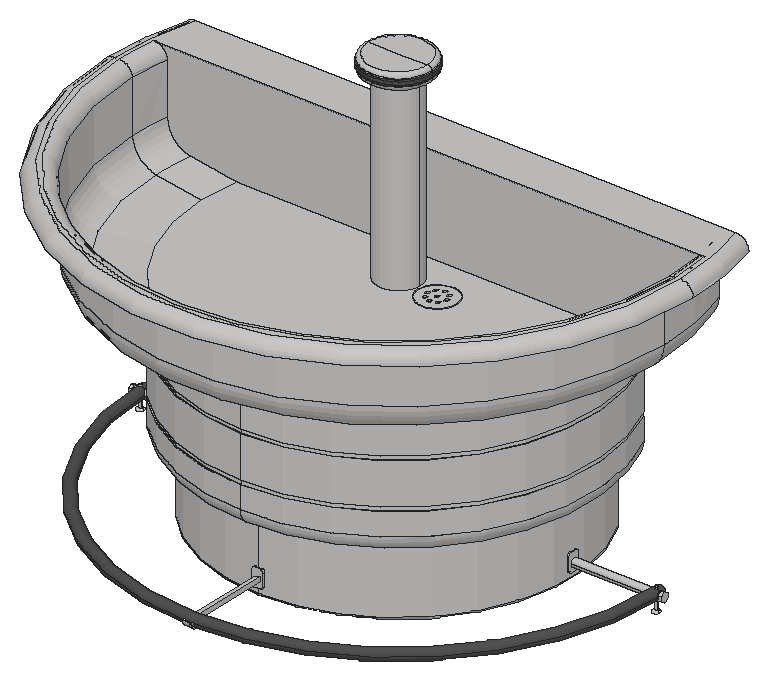
Revit family "Washfountain_Lavatory-Bradley_Corp-WF2704-Type_H_Drain", category Plumbing Fixtures, Revit 2012 (continued)
Lines and regions (in)
  symbolic lines, detail levels medium+fine
    curve 146: circle (4.62063, -8.87063, 28) r 0.1842 normal (0, 0, 1)
    curve 147: circle (4, -9.12771, 28) r 0.1842 normal (0, 0, 1)
    curve 148: circle (3.37937, -8.87063, 28) r 0.1842 normal (0, 0, 1)
    curve 165: arc (-21.2101, -7.75, 28) -> (0.00612, -28.91477, 28) -> (21.22689, -7.75456, 28) r 21.21857
    curve 166: line (-18.8966, -5.4365, 28) -> (18.90883, -5.4365, 28)
    curve 176: circle (0, -7.6967, 37.375) r 2.75 normal (0, 0, 1)
    curve 180: arc (-21.2101, -7.75, 28) -> (-20.53249, -6.11411, 28) -> (-18.8966, -5.4365, 28) r 2.3135
    curve 181: arc (21.22689, -7.75456, 28) -> (20.54794, -6.11544, 28) -> (18.90883, -5.4365, 28) r 2.31806
  symbolic lines, visible <- "Sensor Module"
    curve 41: line (-1.99987, -7.6967, 38.03462) -> (1.99987, -7.6967, 38.03462)
    curve 57: line (0, -5.6967, 38.03462) -> (0, -9.69657, 38.03462)
  symbolic lines, visible <- "Sensor Module", detail levels fine
    curve 42: line (-4.49987, -7.6967, 40.30962) -> (4.49987, -7.6967, 40.30962)
    curve 59: line (0, -3.1967, 40.30962) -> (0, -12.1967, 40.30962)
  symbolic lines, visible <- "Sensor Module", detail levels medium
    curve 43: line (-4.57537, -7.6967, 38.86012) -> (4.57537, -7.6967, 38.86012)
    curve 58: line (0, -3.12133, 38.86012) -> (0, -12.27207, 38.86012)
  symbolic lines, visible <- "Soap Dispenser", detail levels medium+fine
    curve 44: line (-6.13971, -7.6967, 44.87453) -> (6.13971, -7.6967, 44.87453)
    curve 60: line (0, -13.83546, 44.87453) -> (0, -5.4467, 44.87453)
    curve 172: line (-4.15684, -5.4467, 45.875) -> (-4.15684, -7.6967, 45.875)
    curve 173: arc (4.15684, -7.6967, 45.875) -> (0, -11.85353, 45.875) -> (-4.15684, -7.6967, 45.875) r 4.15684
    curve 174: line (4.15684, -5.4467, 45.875) -> (4.15684, -7.6967, 45.875)
  symbolic lines, visible <- "Soap Dispenser", detail levels fine
    curve 45: line (6.13971, -7.6967, 45.49971) -> (-6.13971, -7.6967, 45.49971)
    curve 46: line (-5.98301, -7.6967, 44.23265) -> (5.98301, -7.6967, 44.23265)
    curve 47: line (5.93039, -7.6967, 42.98265) -> (-5.93039, -7.6967, 42.98265)
    curve 48: line (-5.87777, -7.6967, 41.73265) -> (5.87777, -7.6967, 41.73265)
    curve 49: line (5.81, -7.6967, 40.48265) -> (-5.81, -7.6967, 40.48265)
    curve 61: line (0, -13.83546, 45.49971) -> (0, -5.4467, 45.49971)
    curve 62: line (0, -13.67876, 44.23265) -> (0, -5.4467, 44.23265)
    curve 63: line (0, -13.62614, 42.98265) -> (0, -5.4467, 42.98265)
    curve 64: line (0, -13.57352, 41.73265) -> (0, -5.4467, 41.73265)
    curve 65: line (0, -13.50574, 40.48265) -> (0, -5.4467, 40.48265)
  model lines, visible <- "Towel Dispenser", detail levels fine
    curve 79: spline (-9.02868, -6.55856, 52.12502) -> (-8.93498, -6.72086, 55.16615) -> (-8.66025, -7.1967, 58.00002) -> (-8.22323, -7.95365, 60.43353) -> (-7.65368, -8.94013, 62.30082) -> (-6.99044, -10.08891, 63.47465) -> (-6.27868, -11.3217, 63.87502) -> (-5.56693, -12.55449, 63.47465) -> (-4.90368, -13.70327, 62.30082) -> (-4.33414, -14.68975, 60.43353) -> (-3.89711, -15.4467, 58.00002) -> (-3.62239, -15.92254, 55.16615) -> (-3.52868, -16.08484, 52.12502)
    curve 80: spline (3.52868, -16.08484, 52.12502) -> (3.62239, -15.92254, 55.16615) -> (3.89711, -15.4467, 58.00002) -> (4.33414, -14.68975, 60.43353) -> (4.90368, -13.70327, 62.30082) -> (5.56693, -12.55449, 63.47465) -> (6.27868, -11.3217, 63.87502) -> (6.99044, -10.08891, 63.47465) -> (7.65368, -8.94013, 62.30082) -> (8.22323, -7.95365, 60.43353) -> (8.66025, -7.1967, 58.00002) -> (8.93498, -6.72086, 55.16615) -> (9.02868, -6.55856, 52.12502)
    curve 81: spline (4.50718, -14.39003, 54.72702) -> (4.52698, -14.35573, 54.7611) -> (4.54543, -14.32377, 54.861) -> (4.56128, -14.29633, 55.01992) -> (4.57344, -14.27528, 55.22702) -> (4.58108, -14.26204, 55.4682) -> (4.58368, -14.25752, 55.72702) -> (4.58108, -14.26204, 55.98584) -> (4.57344, -14.27528, 56.22702) -> (4.56128, -14.29633, 56.43413) -> (4.54543, -14.32377, 56.59305) -> (4.52698, -14.35573, 56.69295) -> (4.50718, -14.39003, 56.72702) -> (4.48738, -14.42432, 56.69295) -> (4.46893, -14.45628, 56.59305) -> (4.45309, -14.48372, 56.43413) -> (4.44093, -14.50478, 56.22702) -> (4.43329, -14.51801, 55.98584) -> (4.43068, -14.52253, 55.72702) -> (4.43329, -14.51801, 55.4682) -> (4.44093, -14.50478, 55.22702) -> (4.45309, -14.48372, 55.01992) -> (4.46893, -14.45628, 54.861) -> (4.48738, -14.42432, 54.7611) -> (4.50718, -14.39003, 54.72702)
    curve 82: spline (-8.05018, -8.25337, 54.72702) -> (-8.03038, -8.28766, 54.7611) -> (-8.01193, -8.31962, 54.861) -> (-7.99609, -8.34706, 55.01992) -> (-7.98393, -8.36812, 55.22702) -> (-7.97629, -8.38136, 55.4682) -> (-7.97368, -8.38587, 55.72702) -> (-7.97629, -8.38136, 55.98584) -> (-7.98393, -8.36812, 56.22702) -> (-7.99609, -8.34706, 56.43413) -> (-8.01193, -8.31962, 56.59305) -> (-8.03038, -8.28766, 56.69295) -> (-8.05018, -8.25337, 56.72702) -> (-8.06998, -8.21907, 56.69295) -> (-8.08843, -8.18712, 56.59305) -> (-8.10428, -8.15968, 56.43413) -> (-8.11644, -8.13862, 56.22702) -> (-8.12408, -8.12538, 55.98584) -> (-8.12668, -8.12087, 55.72702) -> (-8.12408, -8.12538, 55.4682) -> (-8.11644, -8.13862, 55.22702) -> (-8.10428, -8.15968, 55.01992) -> (-8.08843, -8.18712, 54.861) -> (-8.06998, -8.21907, 54.7611) -> (-8.05018, -8.25337, 54.72702)
  symbolic lines, visible <- "Towel Dispenser"
    curve 83: line (-2, -34.71749, 66.063) -> (2, -34.71749, 66.063)
    curve 84: line (-9.02868, -34.71749, 65.37567) -> (-3.52868, -34.71749, 65.37567)
    curve 85: line (-3.52868, -34.71749, 65.37567) -> (-0.06458, -34.71749, 66.063)
    curve 86: line (0.06458, -34.71749, 66.063) -> (3.52868, -34.71749, 65.37567)
    curve 87: line (3.52868, -34.71749, 65.37567) -> (9.02868, -34.71749, 65.37567)
    curve 88: line (3.52868, -34.71749, 65.37567) -> (3.52868, -34.71749, 52.12502)
    curve 89: line (3.52868, -34.71749, 52.12502) -> (9.02868, -34.71749, 52.12502)
    curve 90: line (3.52868, -34.71749, 52.12502) -> (1.58013, -34.71749, 50.75)
    curve 91: line (0.06458, -34.71749, 50.75) -> (0.06458, -34.71749, 66.063)
    curve 92: line (-0.06458, -34.71749, 66.063) -> (-0.06458, -34.71749, 50.75)
    curve 93: line (-9.02868, -34.71749, 52.12502) -> (-3.52868, -34.71749, 52.12502)
    curve 94: line (-3.52868, -34.71749, 52.12502) -> (-1.58013, -34.71749, 50.75)
    curve 95: line (-3.52868, -34.71749, 52.12502) -> (-3.52868, -34.71749, 65.37567)
    curve 108: line (0, -4.4467, 66.063) -> (0, -4.4467, 50.75)
    curve 109: line (0, -4.55856, 66.063) -> (0, -4.55856, 50.75)
    curve 110: line (0, -6.55856, 65.37567) -> (0, -4.55856, 66.063)
    curve 111: line (0, -6.55856, 52.12502) -> (0, -6.55856, 65.37567)
    curve 112: line (0, -6.55856, 65.37567) -> (0, -16.08484, 65.37567)
    curve 113: line (0, -5.6967, 66.063) -> (0, -9.6967, 66.063)
    curve 116: line (0, -5.43356, 50.75) -> (0, -6.55856, 52.12502)
    curve 117: line (0, -6.55856, 52.12502) -> (0, -16.08484, 52.12502)
    curve 123: line (-5.56458, 0, 66.063) -> (-5.56458, 0, 50.75)
    curve 124: line (5.56458, 0, 66.063) -> (5.56458, 0, 50.75)
    curve 125: line (-5.56458, 0, 65.37567) -> (5.56458, 0, 65.37567)
    curve 126: line (-5.56458, 0, 64.87567) -> (5.56458, 0, 64.87567)
    curve 127: line (-5.56458, 0, 52.3286) -> (5.56458, 0, 52.3286)
    curve 128: line (-5.56458, 0, 51.8286) -> (5.56458, 0, 51.8286)
    curve 129: line (-2, 0, 50.75) -> (-2, 0, 51.8286)
    curve 130: line (2.00013, 0, 50.75) -> (2.00013, 0, 51.8286)
    curve 131: line (2, 0, 52.3286) -> (2, 0, 64.87567)
    curve 132: line (2, 0, 65.37567) -> (2, 0, 66.063)
    curve 133: line (-2, 0, 66.063) -> (-2, 0, 65.37567)
    curve 134: line (-2, 0, 64.87567) -> (-2, 0, 52.3286)
    curve 135: line (-2, -34.71749, 50.75) -> (2.00013, -34.71749, 50.75)
    curve 168: line (-0.06458, -14.08484, 50.75) -> (-5.56458, -4.55856, 50.75)
    curve 169: line (5.56458, -4.55856, 50.75) -> (0.06458, -14.08484, 50.75)
    curve 171: circle (0, -7.6967, 50.75) r 2 normal (0, 0, 1)
  symbolic lines, visible <- "Towel Dispenser", detail levels fine
    curve 96: spline (-9.02868, -34.71749, 52.12502) -> (-8.93498, -34.71749, 55.16615) -> (-8.66025, -34.71749, 58.00002) -> (-8.22323, -34.71749, 60.43353) -> (-7.65368, -34.71749, 62.30082) -> (-6.99044, -34.71749, 63.47465) -> (-6.27868, -34.71749, 63.87502) -> (-5.56693, -34.71749, 63.47465) -> (-4.90368, -34.71749, 62.30082) -> (-4.33414, -34.71749, 60.43353) -> (-3.89711, -34.71749, 58.00002) -> (-3.62239, -34.71749, 55.16615) -> (-3.52868, -34.71749, 52.12502)
    curve 97: spline (3.52868, -34.71749, 52.12502) -> (3.62239, -34.71749, 55.16615) -> (3.89711, -34.71749, 58.00002) -> (4.33414, -34.71749, 60.43353) -> (4.90368, -34.71749, 62.30082) -> (5.56693, -34.71749, 63.47465) -> (6.27868, -34.71749, 63.87502) -> (6.99044, -34.71749, 63.47465) -> (7.65368, -34.71749, 62.30082) -> (8.22323, -34.71749, 60.43353) -> (8.66025, -34.71749, 58.00002) -> (8.93498, -34.71749, 55.16615) -> (9.02868, -34.71749, 52.12502)
    curve 98: spline (-8.05018, -34.71749, 54.72702) -> (-8.03038, -34.71749, 54.7611) -> (-8.01193, -34.71749, 54.861) -> (-7.99609, -34.71749, 55.01992) -> (-7.98393, -34.71749, 55.22702) -> (-7.97629, -34.71749, 55.4682) -> (-7.97368, -34.71749, 55.72702) -> (-7.97629, -34.71749, 55.98584) -> (-7.98393, -34.71749, 56.22702) -> (-7.99609, -34.71749, 56.43413) -> (-8.01193, -34.71749, 56.59305) -> (-8.03038, -34.71749, 56.69295) -> (-8.05018, -34.71749, 56.72702) -> (-8.06998, -34.71749, 56.69295) -> (-8.08843, -34.71749, 56.59305) -> (-8.10428, -34.71749, 56.43413) -> (-8.11644, -34.71749, 56.22702) -> (-8.12408, -34.71749, 55.98584) -> (-8.12668, -34.71749, 55.72702) -> (-8.12408, -34.71749, 55.4682) -> (-8.11644, -34.71749, 55.22702) -> (-8.10428, -34.71749, 55.01992) -> (-8.08843, -34.71749, 54.861) -> (-8.06998, -34.71749, 54.7611) -> (-8.05018, -34.71749, 54.72702)
    curve 99: spline (4.50718, -34.71749, 54.72702) -> (4.52698, -34.71749, 54.7611) -> (4.54543, -34.71749, 54.861) -> (4.56128, -34.71749, 55.01992) -> (4.57344, -34.71749, 55.22702) -> (4.58108, -34.71749, 55.4682) -> (4.58368, -34.71749, 55.72702) -> (4.58108, -34.71749, 55.98584) -> (4.57344, -34.71749, 56.22702) -> (4.56128, -34.71749, 56.43413) -> (4.54543, -34.71749, 56.59305) -> (4.52698, -34.71749, 56.69295) -> (4.50718, -34.71749, 56.72702) -> (4.48738, -34.71749, 56.69295) -> (4.46893, -34.71749, 56.59305) -> (4.45309, -34.71749, 56.43413) -> (4.44093, -34.71749, 56.22702) -> (4.43329, -34.71749, 55.98584) -> (4.43068, -34.71749, 55.72702) -> (4.43329, -34.71749, 55.4682) -> (4.44093, -34.71749, 55.22702) -> (4.45309, -34.71749, 55.01992) -> (4.46893, -34.71749, 54.861) -> (4.48738, -34.71749, 54.7611) -> (4.50718, -34.71749, 54.72702)
    curve 114: spline (0, -6.55856, 52.12502) -> (0, -6.72086, 55.16615) -> (0, -7.1967, 58.00002) -> (0, -7.95365, 60.43353) -> (0, -8.94013, 62.30082) -> (0, -10.08891, 63.47465) -> (0, -11.3217, 63.87502) -> (0, -12.55449, 63.47465) -> (0, -13.70327, 62.30082) -> (0, -14.68975, 60.43353) -> (0, -15.4467, 58.00002) -> (0, -15.92254, 55.16615) -> (0, -16.08484, 52.12502)
    curve 115: spline (0, -14.39003, 54.72702) -> (0, -14.35573, 54.7611) -> (0, -14.32377, 54.861) -> (0, -14.29633, 55.01992) -> (0, -14.27528, 55.22702) -> (0, -14.26204, 55.4682) -> (0, -14.25752, 55.72702) -> (0, -14.26204, 55.98584) -> (0, -14.27528, 56.22702) -> (0, -14.29633, 56.43413) -> (0, -14.32377, 56.59305) -> (0, -14.35573, 56.69295) -> (0, -14.39003, 56.72702) -> (0, -14.42432, 56.69295) -> (0, -14.45628, 56.59305) -> (0, -14.48372, 56.43413) -> (0, -14.50478, 56.22702) -> (0, -14.51801, 55.98584) -> (0, -14.52253, 55.72702) -> (0, -14.51801, 55.4682) -> (0, -14.50478, 55.22702) -> (0, -14.48372, 55.01992) -> (0, -14.45628, 54.861) -> (0, -14.42432, 54.7611) -> (0, -14.39003, 54.72702)
  symbolic lines, visible <- "Towel Dispenser", detail levels medium+fine
    curve 100: line (-7.85863, -34.71749, 51.8286) -> (-3.85863, -34.71749, 51.8286)
    curve 101: spline (-3.85863, -34.71749, 51.8286) -> (-3.74268, -34.71749, 51.81528) -> (-3.59687, -34.71749, 51.77621) -> (-3.43113, -34.71749, 51.71406) -> (-3.25676, -34.71749, 51.63306) -> (-3.08563, -34.71749, 51.53873) -> (-2.92941, -34.71749, 51.43751) -> (-2.79874, -34.71749, 51.33629) -> (-2.70254, -34.71749, 51.24197) -> (-2.64735, -34.71749, 51.16097) -> (-2.63694, -34.71749, 51.09882) -> (-2.67201, -34.71749, 51.05975) -> (-2.75019, -34.71749, 51.04642)
    curve 102: line (-2.75019, -34.71749, 51.04642) -> (-6.75019, -34.71749, 51.04642)
    curve 103: spline (-6.75019, -34.71749, 51.04642) -> (-6.86613, -34.71749, 51.05975) -> (-7.01194, -34.71749, 51.09882) -> (-7.17768, -34.71749, 51.16097) -> (-7.35206, -34.71749, 51.24197) -> (-7.52319, -34.71749, 51.33629) -> (-7.67941, -34.71749, 51.43751) -> (-7.81007, -34.71749, 51.53873) -> (-7.90628, -34.71749, 51.63306) -> (-7.96146, -34.71749, 51.71406) -> (-7.97187, -34.71749, 51.77621) -> (-7.9368, -34.71749, 51.81528) -> (-7.85863, -34.71749, 51.8286)
    curve 104: line (7.85863, -34.71749, 51.8286) -> (3.85863, -34.71749, 51.8286)
    curve 105: spline (3.85863, -34.71749, 51.8286) -> (3.74268, -34.71749, 51.81528) -> (3.59687, -34.71749, 51.77621) -> (3.43113, -34.71749, 51.71406) -> (3.25676, -34.71749, 51.63306) -> (3.08563, -34.71749, 51.53873) -> (2.92941, -34.71749, 51.43751) -> (2.79874, -34.71749, 51.33629) -> (2.70254, -34.71749, 51.24197) -> (2.64735, -34.71749, 51.16097) -> (2.63694, -34.71749, 51.09882) -> (2.67201, -34.71749, 51.05975) -> (2.75019, -34.71749, 51.04642)
    curve 106: line (2.75019, -34.71749, 51.04642) -> (6.75019, -34.71749, 51.04642)
    curve 107: spline (6.75019, -34.71749, 51.04642) -> (6.86613, -34.71749, 51.05975) -> (7.01194, -34.71749, 51.09882) -> (7.17768, -34.71749, 51.16097) -> (7.35206, -34.71749, 51.24197) -> (7.52319, -34.71749, 51.33629) -> (7.67941, -34.71749, 51.43751) -> (7.81007, -34.71749, 51.53873) -> (7.90628, -34.71749, 51.63306) -> (7.96146, -34.71749, 51.71406) -> (7.97187, -34.71749, 51.77621) -> (7.9368, -34.71749, 51.81528) -> (7.85863, -34.71749, 51.8286)
    curve 118: spline (0, -7.61507, 51.8286) -> (0, -7.43606, 51.81528) -> (0, -7.24745, 51.77621) -> (0, -7.06208, 51.71406) -> (0, -6.89258, 51.63306) -> (0, -6.75052, 51.53873) -> (0, -6.64558, 51.43751) -> (0, -6.58489, 51.33629) -> (0, -6.57261, 51.24197) -> (0, -6.60956, 51.16097) -> (0, -6.69323, 51.09882) -> (0, -6.81791, 51.05975) -> (0, -6.97512, 51.04642)
    curve 119: line (0, -6.97512, 51.04642) -> (0, -13.90332, 51.04642)
    curve 120: spline (0, -13.90332, 51.04642) -> (0, -14.08233, 51.05975) -> (0, -14.27095, 51.09882) -> (0, -14.45632, 51.16097) -> (0, -14.62581, 51.24197) -> (0, -14.76787, 51.33629) -> (0, -14.87282, 51.43751) -> (0, -14.9335, 51.53873) -> (0, -14.94579, 51.63306) -> (0, -14.90884, 51.71406) -> (0, -14.82517, 51.77621) -> (0, -14.70048, 51.81528) -> (0, -14.54328, 51.8286)
    curve 121: line (0, -14.54328, 51.8286) -> (0, -7.61507, 51.8286)
    curve 167: line (-7.08013, -5.43356, 50.75) -> (-1.58013, -14.95984, 50.75)
    curve 170: line (1.58013, -14.95984, 50.75) -> (7.08013, -5.43356, 50.75)
  model lines, detail levels medium+fine
    curve 137: circle (4, -8.25, 19.12) r 1.25 normal (0, 0, 1)
  symbolic lines, visible <- "Foot Control Valve", detail levels fine
    curve 155: line (0, -7.5767, 0.1445) -> (0, -7.8167, 0.1445)
    curve 156: circle (0, -7.75001, 1.425) r 0.36122 normal (1, 0, 0)
    curve 157: line (0, -7.5767, 1.99999) -> (0, -7.8167, 1.99999)
    curve 158: line (0, -7.8167, 1.99999) -> (0, -7.8167, 1.9244)
    curve 159: line (0, -7.5767, 1.99999) -> (0, -7.5767, 1.9244)
    curve 160: line (0, -7.5767, 0.67154) -> (0, -7.5767, 0.92558)
    curve 161: line (0, -7.8167, 0.67154) -> (0, -7.8167, 0.92558)
    curve 182: line (-0.40046, -36.21749, 0.92558) -> (-0.40046, -36.21749, 0.82558)
    curve 183: line (-0.40046, -36.21749, 0.82558) -> (0.4, -36.21749, 0.82558)
    curve 184: line (0.4, -36.21749, 0.82558) -> (0.4, -36.21749, 0.92558)
    curve 185: line (-24.01563, 0, 1.7965) -> (-24.01563, 0, 1.0535)
    curve 186: line (-24.32813, 0, 1.21051) -> (-24.01563, 0, 1.21051)
    curve 187: line (-24.32813, 0, 1.63949) -> (-24.01563, 0, 1.63949)
    curve 188: line (-23.69813, 0, 0.1445) -> (-23.45813, 0, 0.1445)
    curve 189: line (24.04349, 0, 1.7965) -> (24.04349, 0, 1.0535)
    curve 190: line (24.37917, 0, 1.21051) -> (24.04349, 0, 1.21051)
    curve 191: line (24.37923, 0, 1.63949) -> (24.04349, 0, 1.63949)
    curve 192: line (23.69813, 0, 0.1445) -> (23.45813, 0, 0.1445)
  symbolic lines, visible <- "Foot Control Valve", detail levels coarse+medium
    curve 162: line (-0.40046, -34.71749, 0.92558) -> (0.4, -34.71749, 0.92558)
  symbolic lines, visible <- "Sensor Module", detail levels medium+fine
    curve 175: circle (0, -7.6967, 40.875) r 3.75 normal (0, 0, 1)
Dimensions and locks (in)
  equal spacing: plane 4 "Left", plane 3 "Center (Left/Right)", plane 5 "Right"
  "Width": plane 4 "Left" to plane 5 "Right"
  "Towel Dispenser Height": plane 6 "Towel Dispenser" to plane 2
  "Soap Dispenser Height": plane 7 "Soap Dispenser" to plane 2
  "Sensor Module Height": plane 8 "Sensor Module" to plane 2
  "Spray Head Height": plane 9 "Spray Head" to plane 2
  "Rim Height": plane 10 "Rim Height" to plane 2
  "Pedestal Height": plane 11 "Pedestal Height" to plane 2
  locked: plane 9 "Spray Head" to Revolve 7 sketch curve at 1.38963
  locked: plane 9 "Spray Head" to Revolve 8 sketch curve at 1.38963
  locked: plane 9 "Spray Head" to Masking region 1 sketch curve at 1.38963  (x2)
  locked: plane 9 "Spray Head" to Masking region 2 sketch curve at 1.38963  (x2)
  locked: plane 8 "Sensor Module" to Revolve 9 sketch curve at 2.84038
  locked: plane 8 "Sensor Module" to Revolve 10 sketch curve at 2.84038
  locked: plane 8 "Sensor Module" to Masking region 3 sketch curve at 2.84038  (x2)
  locked: plane 8 "Sensor Module" to Masking region 4 sketch curve at 2.84038  (x2)
  locked: plane 7 "Soap Dispenser" to plane 13 at 6
  locked: plane 8 "Sensor Module" to Masking region 10 sketch curve at 2.84038  (x2)
  locked: plane 8 "Sensor Module" to Masking region 9 sketch curve at 2.84038  (x2)
  plane 14 "Front" to plane 1 "Center (Front/Back)" = 34.71749"
  locked: curve 76 to Extrusion 16 sketch curve at 15.313
  locked: curve 76 to Extrusion 16 sketch curve at 15.16279
  locked: Extrusion 16 sketch curve to curve 76 at 4
  locked: Extrusion 16 sketch curve to Extrusion 16 sketch curve at 1.37502
  locked: curve 77 to Extrusion 17 sketch curve at 4
  locked: curve 77 to Extrusion 17 sketch curve at 15.313
  locked: curve 77 to Extrusion 17 sketch curve at 15.16279
  locked: Extrusion 17 sketch curve to Extrusion 17 sketch curve at 1.37502
  locked: Extrusion 19 to Extrusion 16 at 1
  "Towel Dispenser Holder": plane 6 "Towel Dispenser" to Extrusion 19
  "Soap Dispenser Holder": plane 13 to Extrusion 20
  "Towel Dispenser Holder": plane 6 "Towel Dispenser" to Masking region 21
  "Soap Dispenser Holder": plane 13 to Masking region 22
  "Towel Dispenser Holder": plane 6 "Towel Dispenser" to Masking region 24
  "Soap Dispenser Holder": Masking region 23 to plane 13
  Extrusion 33 sketch curve to plane 1 "Center (Front/Back)" = 8.250"
  locked: Extrusion 33 to plane 2 at 3
  Extrusion 34 sketch curve to plane 1 "Center (Front/Back)" = 8.250"
  "Vent Height": Extrusion 34 to plane 2
  Extrusion 35 sketch curve to plane 3 "Center (Left/Right)" to Extrusion 35 sketch curve = 7.625", 7.625"
  Extrusion 35 sketch curve to plane 2 = 12.000"  (x2)
  locked: plane 1 "Center (Front/Back)" to Extrusion 35 at 2.5
  locked: Extrusion 33 sketch curve to plane 3 "Center (Left/Right)" at 4
  Extrusion 39 sketch curve to plane 3 "Center (Left/Right)" to Extrusion 39 sketch curve = 7.625", 7.625"
  Extrusion 39 sketch curve to plane 1 "Center (Front/Back)" = 5.000"  (x2)
  locked: Extrusion 39 to plane 2 at 2.5
  locked: plane 7 "Soap Dispenser" to Revolve 12 sketch curve at 1.00047
  locked: plane 7 "Soap Dispenser" to Revolve 40 sketch curve at 1.00047
  locked: plane 7 "Soap Dispenser" to Extrusion 14 sketch curve at 1.00047
  locked: plane 7 "Soap Dispenser" to Extrusion 41 sketch curve at 1.00047
  locked: plane 8 "Sensor Module" to Extrusion 42 sketch curve at 1.29013
  locked: plane 8 "Sensor Module" to Extrusion 43 sketch curve at 1.29013
  radius of Extrusion 19 sketch curve = 2.000"
  radius of Extrusion 20 sketch curve = 2.000"
  radius of Extrusion 33 sketch curve = 1.000"
  "Vent Radius": radius of Extrusion 34 sketch curve
  "Hot Lavatory Inlet Primary Radius": radius of Extrusion 35 sketch curve
  "Cold Lavatory Inlet Primary Radius": radius of Extrusion 35 sketch curve
  "Hot Lavatory Inlet Secondary Radius": radius of Extrusion 39 sketch curve
  "Cold Lavatory Inlet Secondary Radius": radius of Extrusion 39 sketch curve
  aligned and locked: Extrusion 2 sketch curve to plane 1 "Center (Front/Back)"
  aligned and locked: Extrusion 2 to plane 2
  aligned and locked: plane 9 "Spray Head" to Extrusion 2
  aligned and locked: plane 12 to Revolve 4 sketch curve
  aligned and locked: plane 12 to Revolve 5 sketch curve
  aligned and locked: plane 12 to Revolve 6 sketch curve
  aligned and locked: Revolve 7 sketch curve to plane 3 "Center (Left/Right)"
  aligned and locked: Revolve 8 sketch curve to plane 3 "Center (Left/Right)"
  aligned and locked: plane 11 "Pedestal Height" to Revolve 7 sketch curve
  aligned and locked: Revolve 7 sketch curve to plane 9 "Spray Head"
  aligned and locked: Revolve 8 sketch curve to plane 11 "Pedestal Height"
  aligned and locked: Masking region 1 sketch curve to plane 10 "Rim Height"
  aligned and locked: Masking region 2 sketch curve to plane 10 "Rim Height"
  aligned and locked: Masking region 2 sketch curve to plane 9 "Spray Head"
  aligned and locked: Revolve 9 sketch curve to plane 8 "Sensor Module"
  aligned and locked: Revolve 9 sketch curve to plane 9 "Spray Head"
  aligned and locked: Revolve 9 sketch curve to plane 3 "Center (Left/Right)"
  aligned and locked: Revolve 10 sketch curve to plane 3 "Center (Left/Right)"
  aligned and locked: Revolve 10 sketch curve to plane 9 "Spray Head"
  aligned and locked: Masking region 3 sketch curve to plane 9 "Spray Head"
  aligned and locked: Masking region 4 sketch curve to plane 9 "Spray Head"
  aligned and locked: Masking region 4 sketch curve to plane 8 "Sensor Module"
  aligned and locked: Revolve 11 sketch curve to plane 7 "Soap Dispenser"
  aligned and locked: plane 13 to Revolve 11 sketch curve
  aligned and locked: Revolve 11 sketch curve to plane 3 "Center (Left/Right)"
  aligned and locked: Revolve 12 sketch curve to plane 3 "Center (Left/Right)"
  aligned and locked: Masking region 5 sketch curve to plane 7 "Soap Dispenser"
  aligned and locked: Masking region 5 sketch curve to plane 13
  aligned and locked: Masking region 6 sketch curve to plane 7 "Soap Dispenser"
  aligned and locked: plane 13 to Masking region 6 sketch curve
  aligned and locked: Extrusion 13 sketch curve to plane 7 "Soap Dispenser"
  aligned and locked: plane 13 to Extrusion 13 sketch curve
  aligned and locked: plane 13 to Extrusion 14 sketch curve
  aligned and locked: plane 9 "Spray Head" to Masking region 9 sketch curve
  aligned and locked: Masking region 9 sketch curve to plane 8 "Sensor Module"
  aligned and locked: Masking region 10 sketch curve to plane 8 "Sensor Module"
  aligned and locked: Masking region 10 sketch curve to plane 9 "Spray Head"
  aligned and locked: Masking region 11 sketch curve to plane 10 "Rim Height"
  aligned and locked: Masking region 11 sketch curve to plane 9 "Spray Head"
  aligned and locked: Masking region 12 sketch curve to plane 10 "Rim Height"
  aligned and locked: Masking region 15 sketch curve to plane 11 "Pedestal Height"
  aligned and locked: Masking region 15 sketch curve to plane 2
  aligned and locked: Masking region 16 sketch curve to plane 11 "Pedestal Height"
  aligned and locked: Masking region 16 sketch curve to plane 2
  aligned and locked: Masking region 17 sketch curve to plane 10 "Rim Height"
  aligned and locked: Masking region 17 sketch curve to plane 11 "Pedestal Height"
  aligned and locked: Masking region 18 sketch curve to plane 10 "Rim Height"
  aligned and locked: plane 11 "Pedestal Height" to Masking region 18 sketch curve
  aligned and locked: Masking region 19 sketch curve to plane 11 "Pedestal Height"
  aligned and locked: plane 2 to Masking region 19 sketch curve
  aligned and locked: Masking region 20 sketch curve to plane 11 "Pedestal Height"
  aligned and locked: plane 2 to Masking region 20 sketch curve
  aligned and locked: plane 12 to Extrusion 15 sketch curve
  aligned and locked: plane 3 "Center (Left/Right)" to Extrusion 15 sketch curve
  aligned and locked: plane 12 to Extrusion 18 sketch curve
  aligned and locked: plane 3 "Center (Left/Right)" to Extrusion 18 sketch curve
  aligned and locked: plane 12 to Extrusion 19 sketch curve
  aligned and locked: plane 3 "Center (Left/Right)" to Extrusion 19 sketch curve
  aligned and locked: plane 12 to Extrusion 20 sketch curve
  aligned and locked: plane 3 "Center (Left/Right)" to Extrusion 20 sketch curve
  aligned and locked: Extrusion 20 to plane 13
  aligned and locked: plane 6 "Towel Dispenser" to Masking region 21
  aligned and locked: Masking region 22 to plane 13
  aligned and locked: plane 13 to Masking region 23
  aligned and locked: Masking region 24 to plane 6 "Towel Dispenser"
  aligned and locked: Extrusion 22 to plane 11 "Pedestal Height"
  aligned and locked: plane 2 to Blend 28
  aligned and locked: Blend 27 to plane 2
  aligned and locked: Blend 28 to Extrusion 26
  aligned and locked: plane 3 "Center (Left/Right)" to Masking region 32 sketch curve
  aligned and locked: plane 3 "Center (Left/Right)" to curve 171
  aligned and locked: plane 12 to curve 171
  aligned and locked: plane 3 "Center (Left/Right)" to Masking region 35 sketch curve
  aligned and locked: plane 12 to Masking region 35 sketch curve
  aligned and locked: plane 12 to curve 175
  aligned and locked: plane 3 "Center (Left/Right)" to curve 175
  aligned and locked: plane 12 to Masking region 36 sketch curve
  aligned and locked: plane 3 "Center (Left/Right)" to Masking region 36 sketch curve
  aligned and locked: plane 12 to curve 176
  aligned and locked: plane 3 "Center (Left/Right)" to curve 176
  aligned and locked: Extrusion 33 to plane 2
  aligned and locked: Extrusion 34 to plane 2
  aligned and locked: Extrusion 35 to plane 1 "Center (Front/Back)"
  aligned and locked: Masking region 30 to Extrusion 32
  aligned and locked: plane 3 "Center (Left/Right)" to Extrusion 34 sketch curve
  aligned and locked: Extrusion 39 to plane 2
  aligned and locked: Revolve 40 sketch curve to plane 3 "Center (Left/Right)"
  aligned and locked: Extrusion 41 sketch curve to plane 7 "Soap Dispenser"
  aligned and locked: plane 11 "Pedestal Height" to Sweep 3 sketch curve
  aligned and locked: plane 3 "Center (Left/Right)" to Extrusion 42 sketch curve
  aligned and locked: plane 3 "Center (Left/Right)" to Extrusion 43 sketch curve
  aligned and locked: Extrusion 42 to Masking region 9
  aligned and locked: Extrusion 43 to Masking region 10
  aligned and locked: Masking region 9 to Extrusion 43
  aligned and locked: Masking region 37 sketch curve to Extrusion 42  (x2)
  aligned and locked: Extrusion 43 to Masking region 38 sketch curve
  aligned and locked: Masking region 38 sketch curve to Extrusion 43
  aligned and locked: cut or joined group of Sweep 1, Extrusion 2, Extrusion 22, Extrusion 45, Sweep 46 to Extrusion 21
  aligned and locked: plane 3 "Center (Left/Right)" to curve 13
  aligned and locked: Extrusion 44 to cut or joined group of Extrusion 2, Sweep 3, Extrusion 22, Extrusion 44
  aligned and locked: Extrusion 44 to curve 13
  aligned and locked: cut or joined group of Extrusion 2, Sweep 3, Extrusion 22, Extrusion 44 to curve 24
  aligned and locked: curve 33 to cut or joined group of Extrusion 2, Sweep 3, Extrusion 22, Extrusion 44
Automatic sketch dimensions
  level to curve 186 = 1.21051"
  plane 4 "Left" to curve 186 = 2.67187"
  curve 187 to curve 186 = 0.000"
  curve 186 to curve 186 = 0.3125"
  level to curve 188 = 0.1445"
  curve 185 to curve 188 = 0.3175"
  curve 188 to curve 188 = 0.240"
  level to curve 192 = 0.1445"
  curve 192 to plane 5 "Right" = 3.54187"
  curve 192 to curve 192 = 0.240"
  curve 192 to curve 190 = 0.34536"
  curve 190 to curve 190 = 0.33568"
  curve 191 to curve 191 = 0.33574"
  curve 192 to curve 189 = 0.909"
  curve 185 to curve 186 = 0.15701"
  curve 189 to curve 190 = 0.15701"
  curve 186 to curve 187 = 0.42897"
  curve 190 to curve 191 = 0.42897"
  curve 191 to curve 189 = 0.15701"
  curve 187 to curve 185 = 0.15701"
  curve 149 to plane 12 = 0.000"
  curve 149 to plane 3 "Center (Left/Right)" = 0.000"
  plane 4 "Left" to curve 150 = 2.99154"
  plane 12 to curve 151 = 0.500"
  plane 12 to curve 150 = 0.500"
  curve 163 to plane 3 "Center (Left/Right)" = 1.500"
  plane 3 "Center (Left/Right)" to curve 163 = 1.500"
  curve 163 to plane 14 "Front" = 1.500"
  curve 1 to plane 1 "Center (Front/Back)" = 0.000"
  curve 2 to plane 3 "Center (Left/Right)" = 0.000"
  plane 3 "Center (Left/Right)" to curve 1 = 3.000"
  curve 1 to plane 3 "Center (Left/Right)" = 3.000"
  curve 2 to plane 1 "Center (Front/Back)" = 3.000"
  plane 1 "Center (Front/Back)" to curve 2 = 3.000"
  curve 3 to plane 12 = 0.000"
  curve 4 to plane 3 "Center (Left/Right)" = 0.000"
  plane 3 "Center (Left/Right)" to curve 3 = 3.000"
  curve 3 to plane 3 "Center (Left/Right)" = 3.000"
  plane 12 to curve 4 = 3.000"
  curve 4 to plane 12 = 3.000"
  curve 5 to plane 12 = 0.000"
  curve 6 to plane 3 "Center (Left/Right)" = 0.000"
  plane 3 "Center (Left/Right)" to curve 5 = 3.000"
  curve 5 to plane 3 "Center (Left/Right)" = 3.000"
  plane 12 to curve 6 = 3.000"
  curve 6 to plane 12 = 3.000"
  curve 7 to plane 12 = 0.000"
  curve 8 to plane 3 "Center (Left/Right)" = 0.000"
  plane 3 "Center (Left/Right)" to curve 7 = 3.000"
  curve 7 to plane 3 "Center (Left/Right)" = 3.000"
  plane 12 to curve 8 = 3.000"
  curve 8 to plane 12 = 3.000"
  curve 122 to plane 1 "Center (Front/Back)" = 0.000"
  curve 9 to plane 12 = 0.000"
  curve 136 to plane 14 "Front" = 0.000"
  curve 10 to plane 3 "Center (Left/Right)" = 0.000"
  plane 3 "Center (Left/Right)" to curve 77 = 0.06458"
  plane 3 "Center (Left/Right)" to curve 136 = 3.000"
  plane 3 "Center (Left/Right)" to curve 9 = 3.000"
  plane 3 "Center (Left/Right)" to curve 122 = 3.000"
  curve 78 to curve 9 = 2.500"
  curve 77 to curve 78 = 0.06458"
  curve 76 to plane 3 "Center (Left/Right)" = 0.06458"
  curve 122 to plane 3 "Center (Left/Right)" = 3.000"
  curve 9 to plane 3 "Center (Left/Right)" = 3.000"
  curve 136 to plane 3 "Center (Left/Right)" = 3.000"
  curve 9 to curve 78 = 2.500"
  curve 78 to curve 76 = 0.06458"
  plane 12 to curve 78 = 3.250"
  curve 78 to curve 76 = 0.11186"
  curve 78 to curve 77 = 0.11186"
  plane 12 to curve 10 = 3.000"
  curve 10 to plane 12 = 3.000"
  curve 10 to curve 76 = 3.38814"
  curve 77 to curve 76 = 0.000"
  curve 12 to plane 1 "Center (Front/Back)" = 0.000"
  curve 11 to plane 3 "Center (Left/Right)" = 0.000"
  plane 3 "Center (Left/Right)" to curve 12 = 3.000"
  curve 12 to plane 3 "Center (Left/Right)" = 3.000"
  curve 11 to plane 1 "Center (Front/Back)" = 3.000"
  plane 1 "Center (Front/Back)" to curve 11 = 3.000"
  curve 138 to curve 139 = 0.000"
  curve 138 to curve 140 = 0.000"  (x2)
  curve 139 to curve 140 = 0.000"
  curve 164 to plane 3 "Center (Left/Right)" = 0.000"
  plane 12 to curve 165 = 0.00049"
  plane 3 "Center (Left/Right)" to curve 165 = 0.0084"
  curve 141 to plane 12 = 0.5533"
  plane 3 "Center (Left/Right)" to curve 141 = 3.12229"
  curve 148 to curve 141 = 0.25708"
  plane 12 to curve 142 = 0.06733"
  curve 142 to curve 141 = 0.25708"
  curve 147 to curve 148 = 0.62063"
  curve 139 to curve 142 = 0.62063"
  plane 12 to curve 143 = 0.32441"
  curve 143 to curve 142 = 0.62063"
  curve 146 to curve 147 = 0.62063"
  plane 12 to curve 144 = 0.06733"
  curve 144 to curve 143 = 0.62063"
  curve 145 to curve 144 = 0.25708"
  curve 181 to plane 12 = 0.05786"
  curve 181 to plane 5 "Right" = 8.09117"
  curve 179 to curve 166 = 0.59122"
  curve 181 to curve 179 = 1.72684"
  curve 164 to curve 165 = 1.90899"
  curve 180 to plane 12 = 0.0533"
  curve 166 to curve 177 = 0.60345"
  curve 178 to curve 166 = 1.31866"
  curve 13 to curve 164 = 0.00244"
  curve 138 to plane 12 = 0.5533"
  curve 145 to plane 12 = 0.5533"
  curve 145 to curve 146 = 0.62063"
  curve 141 to curve 148 = 0.62063"
  curve 148 to curve 147 = 0.25708"
  Sweep 1 sketch curve to Sweep 1 sketch curve = 0.000"  (x9)
  Sweep 1 sketch curve to profile plane = 0.000"  (x2)
  Sweep 1 sketch curve to profile plane = 0.03252"
  Sweep 1 sketch curve to Sweep 1 sketch curve = 0.120"  (x2)
  profile plane to Sweep 1 sketch curve = 0.00011"
  Sweep 1 sketch curve to profile plane = 1.15752"
  Sweep 1 sketch curve to Sweep 1 sketch curve = 0.410"
  Sweep 1 sketch curve to Sweep 1 sketch curve = 1.005"
  Sweep 1 sketch curve to profile plane = 2.61371"
  Sweep 1 sketch curve to profile plane = 1.125"
  Sweep 1 sketch curve to Sweep 1 sketch curve = 0.11999"
  Sweep 1 sketch curve to Sweep 1 sketch curve = 2.12234"
  Sweep 1 sketch curve to Sweep 1 sketch curve = 0.01728"
  Sweep 1 sketch curve to Sweep 1 sketch curve = 0.360"
  Sweep 1 sketch curve to Sweep 1 sketch curve = 4.17649"
  Sweep 1 sketch curve to Sweep 1 sketch curve = 0.00869"
  Sweep 1 sketch curve to Sweep 1 sketch curve = 16.01209"
  Sweep 1 sketch curve to Sweep 1 sketch curve = 0.00025"
  Sweep 1 sketch curve to Sweep 1 sketch curve = 4.67455"
  Sweep 1 sketch curve to Sweep 1 sketch curve = 0.04363"
  Sweep 1 sketch curve to Sweep 1 sketch curve = 0.00156"
  Sweep 1 sketch curve to profile plane = 8.880"
  Sweep 1 sketch curve to Sweep 1 sketch curve = 0.00011"
  Extrusion 2 sketch curve to plane 5 "Right" = 0.000"
  Extrusion 2 sketch curve to plane 4 "Left" = 0.000"
  Extrusion 2 sketch curve to plane 1 "Center (Front/Back)" = 20.000"
  Sweep 3 sketch curve to profile plane = 0.000"
  Sweep 3 sketch curve to profile plane = 0.03243"
  Sweep 3 sketch curve to Sweep 3 sketch curve = 0.12013"
  Sweep 3 sketch curve to profile plane = 0.120"
  Sweep 3 sketch curve to Sweep 3 sketch curve = 2.42506"
  Sweep 3 sketch curve to Sweep 3 sketch curve = 0.120"
  Sweep 3 sketch curve to profile plane = 8.880"
  Sweep 3 sketch curve to Sweep 3 sketch curve = 22.35569"
  Sweep 3 sketch curve to Sweep 3 sketch curve = 1.00495"
  Revolve 4 sketch curve to plane 11 "Pedestal Height" = 0.000"
  Revolve 4 sketch curve to plane 12 = 0.000"
  plane 14 "Front" to Revolve 4 sketch curve = 10.55795"
  Revolve 4 sketch curve to Revolve 4 sketch curve = 1.44698"
  Revolve 4 sketch curve to Revolve 4 sketch curve = 1.45168"
  Revolve 4 sketch curve to Revolve 4 sketch curve = 0.08393"  (x2)
  Revolve 4 sketch curve to Revolve 4 sketch curve = 1.53091"
  Revolve 4 sketch curve to plane 11 "Pedestal Height" = 4.46462"
  Revolve 4 sketch curve to Revolve 4 sketch curve = 0.375"  (x2)
  Revolve 4 sketch curve to Revolve 4 sketch curve = 3.8125"
  Revolve 4 sketch curve to Revolve 4 sketch curve = 2.08309"
  Revolve 4 sketch curve to level = 3.07853"
  plane 11 "Pedestal Height" to Revolve 4 sketch curve = 3.47247"
  Revolve 5 sketch curve to plane 11 "Pedestal Height" = 0.000"
  Revolve 5 sketch curve to plane 12 = 0.000"
  plane 14 "Front" to Revolve 5 sketch curve = 9.02704"
  level to Revolve 5 sketch curve = 6.35887"
  Revolve 5 sketch curve to level = 1.551"
  plane 11 "Pedestal Height" to Revolve 5 sketch curve = 3.000"
  Revolve 6 sketch curve to level = 0.000"
  Revolve 6 sketch curve to plane 12 = 0.000"
  plane 14 "Front" to Revolve 6 sketch curve = 11.303"
  Revolve 6 sketch curve to Revolve 6 sketch curve = 0.07241"
  level to Revolve 6 sketch curve = 0.1416"
  Revolve 6 sketch curve to level = 3.2954"
  Revolve 6 sketch curve to Revolve 6 sketch curve = 5.90435"
  level to Revolve 6 sketch curve = 6.35887"
  Revolve 6 sketch curve to Revolve 6 sketch curve = 5.09572"
  Revolve 7 sketch curve to Revolve 7 sketch curve = 0.000"  (x3)
  curve 3 to Revolve 7 sketch curve = 1.00013"
  curve 3 to Revolve 7 sketch curve = 0.31013"  (x2)
  Revolve 7 sketch curve to curve 3 = 0.03112"  (x2)
  Revolve 7 sketch curve to curve 3 = 0.03487"  (x3)
  Revolve 7 sketch curve to Revolve 7 sketch curve = 0.09375"
  curve 3 to Revolve 7 sketch curve = 1.74493"
  Revolve 7 sketch curve to curve 3 = 0.94456"
  Revolve 7 sketch curve to curve 3 = 0.53838"
  Revolve 7 sketch curve to Revolve 7 sketch curve = 0.00037"
  Revolve 7 sketch curve to curve 3 = 0.38012"
  curve 3 to Revolve 8 sketch curve = 1.00013"
  curve 3 to Revolve 8 sketch curve = 0.31085"
  Revolve 8 sketch curve to curve 3 = 0.00012"
  curve 3 to Revolve 8 sketch curve = 0.31013"
  Revolve 8 sketch curve to curve 3 = 0.12487"
  Revolve 8 sketch curve to Revolve 8 sketch curve = 0.000"
  curve 3 to Revolve 8 sketch curve = 1.84143"
  Revolve 8 sketch curve to curve 3 = 0.94456"
  Revolve 8 sketch curve to curve 3 = 0.44471"
  Revolve 8 sketch curve to Revolve 8 sketch curve = 0.40845"
  Masking region 1 sketch curve to curve 3 = 0.000"
  Masking region 1 sketch curve to curve 3 = 0.12487"
  Masking region 1 sketch curve to curve 3 = 0.03487"  (x2)
  Masking region 1 sketch curve to Masking region 1 sketch curve = 0.000"  (x5)
  Masking region 1 sketch curve to curve 3 = 0.03112"  (x2)
  curve 3 to Masking region 1 sketch curve = 0.31013"  (x2)
  Masking region 1 sketch curve to Masking region 1 sketch curve = 0.690"
  Masking region 1 sketch curve to curve 3 = 0.99987"
  Masking region 1 sketch curve to curve 3 = 0.31013"  (x2)
  curve 3 to Masking region 1 sketch curve = 0.03112"  (x2)
  curve 3 to Masking region 1 sketch curve = 0.03487"  (x3)
  Masking region 1 sketch curve to Masking region 1 sketch curve = 0.09375"
  Masking region 1 sketch curve to curve 3 = 0.94456"  (x2)
  Masking region 1 sketch curve to curve 3 = 0.53838"  (x2)
  Masking region 1 sketch curve to Masking region 1 sketch curve = 0.00037"  (x2)
  Masking region 2 sketch curve to curve 3 = 0.12487"
  curve 3 to Masking region 2 sketch curve = 0.31001"
  curve 3 to Masking region 2 sketch curve = 0.31085"
  Masking region 2 sketch curve to Masking region 2 sketch curve = 0.68928"
  Masking region 2 sketch curve to curve 3 = 0.99987"
  Masking region 2 sketch curve to curve 3 = 0.31085"
  Masking region 2 sketch curve to curve 3 = 0.31001"
  curve 3 to Masking region 2 sketch curve = 0.12487"
  Masking region 2 sketch curve to curve 3 = 0.94456"  (x2)
  Masking region 2 sketch curve to curve 3 = 0.44471"  (x2)
  Revolve 9 sketch curve to Revolve 9 sketch curve = 0.000"
  curve 5 to Revolve 9 sketch curve = 1.00013"
  curve 5 to Revolve 9 sketch curve = 0.90513"
  Revolve 9 sketch curve to curve 5 = 0.64632"
  Revolve 9 sketch curve to Revolve 9 sketch curve = 0.17651"  (x2)
  Revolve 9 sketch curve to Revolve 9 sketch curve = 0.60355"  (x2)
  curve 5 to Revolve 9 sketch curve = 0.34075"
  Revolve 9 sketch curve to curve 5 = 1.44037"
  Revolve 9 sketch curve to Revolve 9 sketch curve = 0.0128"
  curve 5 to Revolve 9 sketch curve = 0.2063"
  Revolve 9 sketch curve to Revolve 9 sketch curve = 0.00295"
  Revolve 9 sketch curve to Revolve 9 sketch curve = 0.0595"
  Revolve 9 sketch curve to Revolve 9 sketch curve = 0.0755"
  Revolve 9 sketch curve to Revolve 9 sketch curve = 2.90339"
  Revolve 9 sketch curve to Revolve 9 sketch curve = 0.07296"
  Revolve 9 sketch curve to Revolve 9 sketch curve = 0.22463"
  Revolve 9 sketch curve to curve 5 = 1.72461"
  Revolve 10 sketch curve to curve 5 = 0.000"
  Revolve 10 sketch curve to Revolve 10 sketch curve = 0.000"
  curve 5 to Revolve 10 sketch curve = 1.00013"
  Revolve 10 sketch curve to curve 5 = 0.74987"
  Revolve 10 sketch curve to Revolve 10 sketch curve = 0.8255"  (x2)
  Revolve 10 sketch curve to Revolve 10 sketch curve = 2.95513"
  Revolve 10 sketch curve to Revolve 10 sketch curve = 1.42287"
  Masking region 3 sketch curve to curve 5 = 0.000"
  Masking region 3 sketch curve to curve 5 = 1.57537"
  Masking region 3 sketch curve to curve 5 = 0.74987"
  curve 5 to Masking region 3 sketch curve = 1.00013"
  Masking region 3 sketch curve to curve 5 = 1.00013"
  curve 5 to Masking region 3 sketch curve = 0.74987"
  curve 5 to Masking region 3 sketch curve = 1.57537"
  Masking region 3 sketch curve to Masking region 3 sketch curve = 0.8255"  (x2)
  Masking region 4 sketch curve to curve 5 = 1.57537"
  Masking region 4 sketch curve to Masking region 4 sketch curve = 0.0755"
  curve 5 to Masking region 4 sketch curve = 0.2063"  (x2)
  Masking region 4 sketch curve to Masking region 4 sketch curve = 0.11925"
  Masking region 4 sketch curve to Masking region 4 sketch curve = 0.00295"  (x2)
  Masking region 4 sketch curve to Masking region 4 sketch curve = 0.0128"  (x2)
  Masking region 4 sketch curve to Masking region 4 sketch curve = 0.07349"  (x2)
  Masking region 4 sketch curve to Masking region 4 sketch curve = 0.250"
  Masking region 4 sketch curve to curve 5 = 0.82283"
  Masking region 4 sketch curve to Masking region 4 sketch curve = 0.17651"  (x3)
  curve 5 to Masking region 4 sketch curve = 0.90513"
  curve 5 to Masking region 4 sketch curve = 1.00013"
  Masking region 4 sketch curve to curve 5 = 1.00013"
  Masking region 4 sketch curve to curve 5 = 0.90513"
  curve 5 to Masking region 4 sketch curve = 0.64632"
  Masking region 4 sketch curve to Masking region 4 sketch curve = 0.60355"  (x3)
  curve 5 to Masking region 4 sketch curve = 0.34075"
  curve 5 to Masking region 4 sketch curve = 1.44037"
  Masking region 4 sketch curve to Masking region 4 sketch curve = 0.135"
  Masking region 4 sketch curve to Masking region 4 sketch curve = 0.07296"  (x2)
  Masking region 4 sketch curve to Masking region 4 sketch curve = 0.22463"
  Masking region 4 sketch curve to Masking region 4 sketch curve = 0.35908"
  Masking region 4 sketch curve to Masking region 4 sketch curve = 0.13445"
  curve 43 to curve 5 = 1.57537"
  curve 5 to curve 42 = 0.56538"
  curve 43 to curve 42 = 0.0755"
  curve 5 to curve 41 = 1.00013"
  curve 41 to curve 5 = 1.00013"
  curve 5 to curve 42 = 1.49987"
  curve 42 to curve 43 = 0.0755"
  curve 43 to curve 42 = 1.4495"
  curve 41 to curve 5 = 2.84038"
  Revolve 11 sketch curve to Revolve 11 sketch curve = 0.000"
  Revolve 11 sketch curve to curve 7 = 0.76826"
  Revolve 11 sketch curve to curve 7 = 1.15684"
  Revolve 11 sketch curve to Revolve 11 sketch curve = 2.04174"
  Revolve 11 sketch curve to Revolve 11 sketch curve = 0.06777"
  Revolve 11 sketch curve to Revolve 11 sketch curve = 0.05262"  (x2)
  Revolve 11 sketch curve to Revolve 11 sketch curve = 0.03107"
  Revolve 11 sketch curve to Revolve 11 sketch curve = 0.12563"
  Revolve 11 sketch curve to curve 7 = 7.47908"
  Revolve 11 sketch curve to Revolve 11 sketch curve = 1.50843"
  Revolve 11 sketch curve to Revolve 11 sketch curve = 0.60765"
  Revolve 11 sketch curve to Revolve 11 sketch curve = 1.250"  (x3)
  Revolve 11 sketch curve to Revolve 11 sketch curve = 0.62518"
  Revolve 11 sketch curve to curve 7 = 1.74157"
  curve 7 to Revolve 12 sketch curve = 3.000"
  Revolve 12 sketch curve to curve 7 = 2.810"
  Revolve 12 sketch curve to curve 7 = 3.13971"
  Revolve 12 sketch curve to curve 7 = 6.000"
  Revolve 12 sketch curve to curve 7 = 9.53673"
  Revolve 12 sketch curve to curve 7 = 2.96327"
  Masking region 5 sketch curve to curve 7 = 3.20569"
  Masking region 5 sketch curve to curve 7 = 2.810"
  curve 7 to Masking region 5 sketch curve = 2.810"
  curve 7 to Masking region 5 sketch curve = 3.20569"
  curve 7 to Masking region 6 sketch curve = 0.37529"
  Masking region 6 sketch curve to curve 7 = 3.13971"
  Masking region 6 sketch curve to Masking region 6 sketch curve = 0.12563"  (x2)
  Masking region 6 sketch curve to Masking region 6 sketch curve = 0.03107"  (x2)
  Masking region 6 sketch curve to Masking region 6 sketch curve = 0.05262"  (x4)
  Masking region 6 sketch curve to Masking region 6 sketch curve = 0.06777"  (x2)
  Masking region 6 sketch curve to curve 7 = 1.15684"
  Masking region 6 sketch curve to curve 7 = 0.76826"
  curve 7 to Masking region 6 sketch curve = 0.76826"
  curve 7 to Masking region 6 sketch curve = 1.15684"
  Masking region 6 sketch curve to Masking region 6 sketch curve = 2.04174"
  Masking region 6 sketch curve to curve 7 = 7.47908"
  Masking region 6 sketch curve to Masking region 6 sketch curve = 0.60765"  (x2)
  Masking region 6 sketch curve to Masking region 6 sketch curve = 1.250"  (x6)
  Masking region 6 sketch curve to Masking region 6 sketch curve = 0.62518"  (x2)
  curve 7 to Extrusion 13 sketch curve = 0.37529"
  Extrusion 13 sketch curve to curve 7 = 3.13971"
  Extrusion 13 sketch curve to Extrusion 13 sketch curve = 0.12563"  (x2)
  Extrusion 13 sketch curve to Extrusion 13 sketch curve = 0.03107"  (x2)
  Extrusion 13 sketch curve to Extrusion 13 sketch curve = 0.05262"  (x4)
  Extrusion 13 sketch curve to Extrusion 13 sketch curve = 0.06777"  (x2)
  Extrusion 13 sketch curve to curve 7 = 1.15684"
  Extrusion 13 sketch curve to curve 7 = 0.76826"
  curve 7 to Extrusion 13 sketch curve = 0.76826"
  curve 7 to Extrusion 13 sketch curve = 1.15684"
  Extrusion 13 sketch curve to Extrusion 13 sketch curve = 2.04174"
  Extrusion 13 sketch curve to curve 7 = 7.47908"
  Extrusion 13 sketch curve to Extrusion 13 sketch curve = 0.60765"  (x2)
  Extrusion 13 sketch curve to Extrusion 13 sketch curve = 1.250"  (x6)
  Extrusion 13 sketch curve to Extrusion 13 sketch curve = 0.62518"  (x2)
  Extrusion 14 sketch curve to curve 7 = 3.13971"
  Extrusion 14 sketch curve to curve 7 = 2.810"
  curve 7 to Extrusion 14 sketch curve = 2.810"
  curve 7 to Extrusion 14 sketch curve = 3.13971"
  Masking region 7 sketch curve to curve 8 = 0.000"
  curve 8 to Masking region 7 sketch curve = 0.750"
  curve 8 to Masking region 7 sketch curve = 0.76731"
  curve 8 to Masking region 7 sketch curve = 1.15589"
  Masking region 7 sketch curve to Masking region 7 sketch curve = 2.04174"
  Masking region 7 sketch curve to Masking region 7 sketch curve = 0.06777"
  Masking region 7 sketch curve to Masking region 7 sketch curve = 0.05262"  (x2)
  Masking region 7 sketch curve to Masking region 7 sketch curve = 0.03107"
  Masking region 7 sketch curve to Masking region 7 sketch curve = 0.12563"
  curve 8 to Masking region 7 sketch curve = 0.37529"
  Masking region 7 sketch curve to Masking region 7 sketch curve = 0.62518"
  Masking region 7 sketch curve to Masking region 7 sketch curve = 0.64189"
  Masking region 7 sketch curve to Masking region 7 sketch curve = 1.250"  (x3)
  Masking region 7 sketch curve to Masking region 7 sketch curve = 0.60765"
  Masking region 8 sketch curve to curve 8 = 0.000"
  curve 8 to Masking region 8 sketch curve = 0.750"
  curve 8 to Masking region 8 sketch curve = 2.80905"
  curve 8 to Masking region 8 sketch curve = 3.20569"
  Masking region 8 sketch curve to curve 8 = 6.000"
  Masking region 9 sketch curve to curve 6 = 1.57537"
  Masking region 9 sketch curve to curve 6 = 0.74987"
  curve 6 to Masking region 9 sketch curve = 1.000"
  Masking region 9 sketch curve to curve 6 = 1.00013"
  curve 6 to Masking region 9 sketch curve = 0.74987"
  curve 6 to Masking region 9 sketch curve = 1.57537"
  Masking region 9 sketch curve to Masking region 9 sketch curve = 0.8255"  (x2)
  Masking region 10 sketch curve to curve 6 = 1.5755"
  Masking region 10 sketch curve to Masking region 10 sketch curve = 0.0755"
  curve 6 to Masking region 10 sketch curve = 0.2063"  (x2)
  Masking region 10 sketch curve to Masking region 10 sketch curve = 0.11925"
  Masking region 10 sketch curve to Masking region 10 sketch curve = 0.00295"  (x2)
  Masking region 10 sketch curve to Masking region 10 sketch curve = 0.0128"  (x2)
  Masking region 10 sketch curve to Masking region 10 sketch curve = 0.07349"  (x2)
  Masking region 10 sketch curve to Masking region 10 sketch curve = 0.17651"  (x4)
  Masking region 10 sketch curve to curve 6 = 0.82296"
  curve 6 to Masking region 10 sketch curve = 0.905"
  curve 6 to Masking region 10 sketch curve = 1.000"
  Masking region 10 sketch curve to curve 6 = 1.00013"
  Masking region 10 sketch curve to curve 6 = 0.905"
  curve 6 to Masking region 10 sketch curve = 0.64645"
  Masking region 10 sketch curve to Masking region 10 sketch curve = 0.60355"  (x3)
  curve 6 to Masking region 10 sketch curve = 0.34075"
  curve 6 to Masking region 10 sketch curve = 1.4405"
  Masking region 10 sketch curve to Masking region 10 sketch curve = 0.135"
  Masking region 10 sketch curve to Masking region 10 sketch curve = 0.07296"  (x2)
  Masking region 10 sketch curve to Masking region 10 sketch curve = 0.22463"
  Masking region 10 sketch curve to Masking region 10 sketch curve = 0.35908"
  Masking region 10 sketch curve to Masking region 10 sketch curve = 0.13445"
  Masking region 11 sketch curve to plane 9 "Spray Head" = 0.44471"  (x2)
  Masking region 11 sketch curve to plane 12 = 3.12487"
  Masking region 11 sketch curve to Masking region 11 sketch curve = 0.43488"
  Masking region 11 sketch curve to Masking region 11 sketch curve = 0.43572"  (x2)
  Masking region 11 sketch curve to Masking region 11 sketch curve = 0.68915"  (x2)
  plane 12 to Masking region 11 sketch curve = 2.000"
  Masking region 11 sketch curve to Masking region 11 sketch curve = 0.000"
  Masking region 11 sketch curve to Masking region 11 sketch curve = 0.00084"
  Masking region 11 sketch curve to plane 9 "Spray Head" = 0.94456"
  Masking region 11 sketch curve to Masking region 11 sketch curve = 0.94493"
  Masking region 11 sketch curve to Masking region 11 sketch curve = 0.44508"
  Masking region 11 sketch curve to Masking region 11 sketch curve = 0.49985"
  Masking region 12 sketch curve to curve 4 = 0.000"
  Masking region 12 sketch curve to curve 4 = 0.12487"
  Masking region 12 sketch curve to curve 4 = 0.03487"  (x2)
  Masking region 12 sketch curve to Masking region 12 sketch curve = 0.000"  (x4)
  Masking region 12 sketch curve to curve 4 = 0.03112"  (x2)
  curve 4 to Masking region 12 sketch curve = 0.31013"  (x2)
  Masking region 12 sketch curve to Masking region 12 sketch curve = 0.690"
  Masking region 12 sketch curve to curve 4 = 1.000"
  Masking region 12 sketch curve to curve 4 = 0.31013"
  Masking region 12 sketch curve to curve 4 = 0.30971"
  curve 4 to Masking region 12 sketch curve = 0.03112"  (x2)
  curve 4 to Masking region 12 sketch curve = 0.03487"  (x3)
  Masking region 12 sketch curve to Masking region 12 sketch curve = 0.00041"
  Masking region 12 sketch curve to Masking region 12 sketch curve = 0.09375"
  Masking region 12 sketch curve to curve 4 = 1.38963"  (x2)
  Masking region 12 sketch curve to curve 4 = 0.94456"  (x2)
  Masking region 12 sketch curve to curve 4 = 0.53838"  (x2)
  Masking region 12 sketch curve to Masking region 12 sketch curve = 0.00037"  (x2)
  Masking region 15 sketch curve to curve 7 = 15.000"
  Masking region 15 sketch curve to Masking region 15 sketch curve = 0.000"  (x2)
  Masking region 15 sketch curve to Masking region 15 sketch curve = 0.07923"  (x3)
  Masking region 15 sketch curve to Masking region 15 sketch curve = 0.08393"  (x2)
  Masking region 15 sketch curve to Masking region 15 sketch curve = 1.53091"
  Masking region 15 sketch curve to Masking region 15 sketch curve = 0.53104"  (x2)
  Masking region 15 sketch curve to Masking region 15 sketch curve = 0.13464"
  Masking region 15 sketch curve to Masking region 15 sketch curve = 0.02169"  (x2)
  Masking region 15 sketch curve to Masking region 15 sketch curve = 0.21401"  (x2)
  curve 7 to Masking region 15 sketch curve = 12.722"
  Masking region 15 sketch curve to Masking region 15 sketch curve = 0.05768"
  Masking region 15 sketch curve to Masking region 15 sketch curve = 1.44698"
  Masking region 15 sketch curve to Masking region 15 sketch curve = 1.45168"
  Masking region 15 sketch curve to Masking region 15 sketch curve = 5.91307"  (x2)
  Masking region 15 sketch curve to Masking region 15 sketch curve = 0.31292"  (x2)
  Masking region 15 sketch curve to Masking region 15 sketch curve = 2.03209"  (x2)
  Masking region 15 sketch curve to Masking region 15 sketch curve = 0.375"  (x4)
  Masking region 15 sketch curve to Masking region 15 sketch curve = 3.8125"  (x2)
  Masking region 16 sketch curve to curve 7 = 15.000"
  Masking region 16 sketch curve to Masking region 16 sketch curve = 2.06195"
  curve 7 to Masking region 16 sketch curve = 12.93763"
  Masking region 16 sketch curve to Masking region 16 sketch curve = 2.06237"
  Masking region 16 sketch curve to Masking region 16 sketch curve = 6.35888"
  Masking region 16 sketch curve to Masking region 16 sketch curve = 6.35887"
  Masking region 19 sketch curve to plane 1 "Center (Front/Back)" = 0.000"
  plane 14 "Front" to Masking region 19 sketch curve = 11.08899"
  plane 14 "Front" to Masking region 19 sketch curve = 9.02704"
  level to Masking region 19 sketch curve = 6.35888"
  Masking region 20 sketch curve to plane 1 "Center (Front/Back)" = 0.000"
  plane 14 "Front" to Masking region 20 sketch curve = 11.303"
  Masking region 20 sketch curve to Masking region 20 sketch curve = 0.07009"
  Masking region 20 sketch curve to Masking region 20 sketch curve = 0.14393"
  Masking region 20 sketch curve to Masking region 20 sketch curve = 0.53104"
  Masking region 20 sketch curve to Masking region 20 sketch curve = 1.44698"
  Masking region 20 sketch curve to Masking region 20 sketch curve = 1.45168"
  Masking region 20 sketch curve to Masking region 20 sketch curve = 1.53091"
  Masking region 20 sketch curve to Masking region 20 sketch curve = 0.07923"
  Masking region 20 sketch curve to Masking region 20 sketch curve = 0.08393"
  level to Masking region 20 sketch curve = 0.144"
  Masking region 20 sketch curve to Masking region 20 sketch curve = 5.89746"
  Masking region 20 sketch curve to Masking region 20 sketch curve = 0.31292"
  Masking region 20 sketch curve to Masking region 20 sketch curve = 2.03209"
  Masking region 20 sketch curve to Masking region 20 sketch curve = 0.375"  (x2)
  Masking region 20 sketch curve to Masking region 20 sketch curve = 3.8125"
  curve 7 to curve 45 = 0.37529"
  curve 45 to curve 7 = 3.13971"
  curve 44 to curve 45 = 0.000"
  curve 44 to curve 46 = 0.1567"
  curve 46 to curve 47 = 0.05262"
  curve 47 to curve 48 = 0.05262"
  curve 48 to curve 49 = 0.06777"
  curve 7 to curve 49 = 2.810"
  curve 49 to curve 48 = 0.06777"
  curve 48 to curve 47 = 0.05262"
  curve 47 to curve 46 = 0.05262"
  curve 46 to curve 44 = 0.1567"
  curve 45 to curve 44 = 0.000"
  curve 44 to curve 45 = 0.62518"
  curve 46 to curve 44 = 0.64189"
  curve 47 to curve 46 = 1.250"
  curve 48 to curve 47 = 1.250"
  curve 49 to curve 48 = 1.250"
  curve 35 to curve 3 = 0.12487"
  curve 40 to curve 3 = 0.12487"
  curve 35 to curve 3 = 0.03487"
  curve 39 to curve 3 = 0.03487"
  curve 3 to curve 34 = 1.00013"
  curve 34 to curve 3 = 0.99987"
  curve 3 to curve 38 = 0.03487"
  curve 3 to curve 36 = 0.03487"
  curve 36 to curve 37 = 0.090"
  curve 38 to curve 38 = 0.090"
  curve 34 to curve 3 = 1.38963"
  curve 35 to curve 3 = 0.94456"
  curve 38 to curve 3 = 0.44471"
  curve 51 to curve 4 = 0.12487"
  curve 56 to curve 4 = 0.12487"
  curve 51 to curve 4 = 0.03487"
  curve 55 to curve 4 = 0.03487"
  curve 4 to curve 50 = 1.000"
  curve 50 to curve 4 = 1.000"
  curve 4 to curve 52 = 0.02737"
  curve 4 to curve 55 = 0.03487"
  curve 52 to curve 53 = 0.0975"
  curve 54 to curve 54 = 0.090"
  curve 50 to curve 4 = 1.38963"
  curve 51 to curve 4 = 0.94456"
  curve 54 to curve 4 = 0.44471"
  curve 58 to curve 6 = 1.57537"
  curve 6 to curve 59 = 0.56538"
  curve 58 to curve 59 = 0.07537"
  curve 6 to curve 57 = 1.000"
  curve 57 to curve 6 = 1.00013"
  curve 6 to curve 59 = 1.500"
  curve 59 to curve 58 = 0.07537"
  curve 58 to curve 59 = 1.4495"
  curve 57 to curve 6 = 2.84038"
  curve 8 to curve 65 = 0.750"
  curve 8 to curve 60 = 0.750"
  curve 8 to curve 63 = 0.750"
  curve 61 to curve 60 = 0.000"  (x2)
  curve 8 to curve 64 = 0.750"
  curve 62 to curve 60 = 0.000"
  curve 8 to curve 65 = 2.80905"
  curve 65 to curve 64 = 0.06777"
  curve 64 to curve 63 = 0.05262"
  curve 63 to curve 62 = 0.05262"
  curve 62 to curve 60 = 0.1567"
  curve 65 to curve 8 = 5.39235"
  curve 65 to curve 64 = 1.250"
  curve 63 to curve 8 = 2.89235"
  curve 63 to curve 62 = 1.250"
  curve 62 to curve 60 = 0.64189"
  curve 8 to curve 61 = 0.37529"
  curve 66 to level = 0.000"
